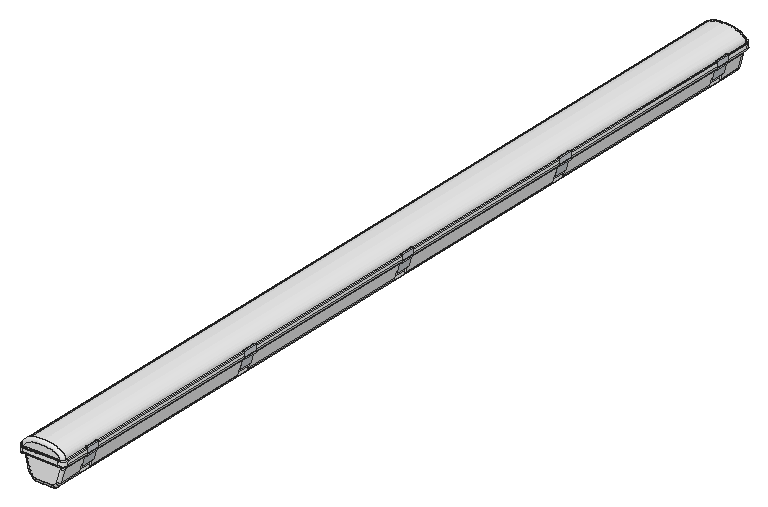
Revit family "0048800", category Lighting Fixtures, host Face, Revit 2017
Family settings
  Host = Face
  Round Connector Dimension = Use Diameter
  Part Type = Normal
  OmniClass Number = 23.80.70.11.14
  OmniClass Title = General Luminaries, Directional
  Cut with Voids When Loaded = No
  Light Source = Yes
  Shared = No
  Room Calculation Point = No
Parameters (values of type "0048800 HYDROPROOF LED G3 1500mm S 4K DALI SSH01")
  Width = 84 mm
  Weight = "2.26 kg"
  Wattage Comments = "n/a"
  Wattage = 33 W
  WarrantyStartDate [instance] = "n/a"
  WarrantyGuarantorParts = "n/a"
  WarrantyDurationUnit = "n/a"
  WarrantyDurationParts = "n/a"
  WarrantyDescription = "n/a"
  built-in parameter 1150110 = 1 (stored number, unit not read)
  Voltage = 230 V
  URL = "http://www.sylvania-lighting.com"
  TypeName = "HYDROPROOF LED G3 1500mm S 4K DALI SSH01"
  Type Image = <None>
  Type Comments = "n/a"
  built-in parameter 1114217 = 1 (stored number, unit not read)
  Tilt Angle = -90.00°
  built-in parameter 1150109 = 1 (stored number, unit not read)
  built-in parameter 1150134 = 12
  built-in parameter 1150113 = 1 (stored number, unit not read)
  SerialNumber [instance] = "n/a"
  ReflectorMaterial = none
  PowerFactor = 0
  PowerConsumption = "33 W"
  Photometric Web File = "0048800.ies"
  NominalWidth = 0 mm
  NominalLength = 1578 mm
  NominalHeight = 75 mm
  Name = "HYDROPROOF LED G3 1500mm S 4K DALI SSH01"
  ModelReference = "HYDROPROOF LED G3 1500mm S 4K DALI SSH01"
  ModelNumber = "0048800"
  Model = "HYDROPROOF LED G3 1500mm S 4K DALI SSH01"
  Material = "grp housing, pmma diffuser"
  ManufacturerName = "Feilo Sylvania"
  Manufacturer = "Feilo Sylvania"
  LuminousEfficacy = "150.3 lm/W"
  built-in parameter 1150105 = 394.7 (stored number, unit not read)
  Lumens = 4960 lm
  LuminaireType = ""
  built-in parameter 1150115 = 1 (stored number, unit not read)
  LightOutputRatio = "n/a"
  built-in parameter 1150137 = (empty or 0)
  built-in parameter 1150139 = (empty or 0)
  Length = 1572 mm
  LampsType = Lamp  # "LED"
  LampNominalLuminous = "4950 lm"
  LampMacAdamStep = "3"
  LampColourTemperature = "4000 K"
  LampColourRenderingIndex = "80"
  built-in parameter 1150112 = 1 (stored number, unit not read)
  built-in parameter 1150114 = 1 (stored number, unit not read)
  Lamp = "LED"
  Keynote = "16500"
  InstallationDate [instance] = "n/a"
  InputVoltage = "220-240V~"
  InputNominalFrequency = "DC/50/60 Hz"
  built-in parameter 1150132 = (empty or 0)
  built-in parameter 1150102 = (empty or 0)
  built-in parameter 1150107 = 4000 (stored number, unit not read)
  built-in parameter 1150138 = (empty or 0)
  IngressProtection = "IP65"
  ImpactProtectionIndex = "IK02"
  built-in parameter 1150106 = 3.947 (stored number, unit not read)
  IfcExportType = "IfcLightFixtureType"
  IfcExportAs = "IfcLightFixtureType"
  ExpectedLife = 50000
  Emit from Rectangle Width = Width - 20 mm  # 64 mm
  Emit from Rectangle Length = Length - 20 mm  # 1552 mm
  Emit Shape Visible in Rendering = no
  ElectricShockClassification = "Class I"
  built-in parameter 1150104 = 13.964 (stored number, unit not read)
  DurationUnit = "hours"
  DocumentationLiterature = "http://www.sylvania-lighting.com/product/en-int/products/0048796"
  DimmingControlOptions = "Dimmable"
  Dimming Lamp Color Temperature Shift = <None>
  DiffuserMaterial = Diffuser-Sylvania-Transparent
  Description = "Hydroproof, integrated LED chemical resistant weatherproof luminaire, with UV stabilized flat diffuser and linear prisms designed to achieve uniform lit appearance, optimise light output and to reduce glare, stainless steel diffuser clips and fixing brackets for surface and wall mounting. L 1578 mm x W 84 mm x H 75 mm size, GRP housing, PMMA diffuser, DALI dimmable, 4000K, CRI80,  4950 lm, 31 W, 160 lm/W, nominal average life (h):50000, energy class: A++ A+ A Class I,IK02, IP65."
  Default Elevation = 1219.2 mm
  CreatedOn = "3/27/2018"
  CreatedBy = "aron.fodor@feilosylvania.com"
  Cost = 0
  Color Filter = 16777215
  built-in parameter 1114216 [instance] = (empty or 0)
  ClassificationValue = "EF_70_80"
  ClassificationName = "Uniclass2015"
  BodyMaterial = Body-Sylvania-Gray
  BarCode [instance] = "n/a"
  built-in parameter 1114218 = 1 (stored number, unit not read)
  built-in parameter 1150133 = 10 (stored number, unit not read)
  AssetType = "Fixed"
  AssetIdentifier [instance] = "n/a"
  Assembly Code = "D5020200"
  Apparent Load = 33 VA
  AccessoryMaterial = Diffuser-Sylvania-Glow
Reference planes
  plane 1 "Center (Front/Back)": y = 0
  plane 2: z = 0
  plane 3 "Center (Left/Right)": x = 0
  plane 4: z = 54
  plane 5: x = -14.7
  plane 6: x = -21.8
  plane 7: x = -26.6
  plane 8: x = -29.2
  plane 9: z = 3
  plane 10: z = 7.8
  plane 11: z = 12.3
  plane 12: z = 36.6
  plane 13: z = 42.8
  plane 14: x = -38.1
  plane 15: z = 46.2
  plane 16: x = -42
  plane 17: y = 786
  plane 18: y = -786
  plane 19: x = 14.7
  plane 20: x = 21.8
  plane 21: x = 26.6
  plane 22: x = 29.2
  plane 23: x = 38.1
  plane 24: x = 42
  plane 25: y = 778.4
  plane 26: y = -778.4
  plane 27: y = -774.7
  plane 28: y = 774.7
  plane 29: z = 74
  plane 30: x = -38.5
  plane 31: x = 38.5
  plane 32: z = 55.2
  plane 33: y = -782.5
  plane 34: y = 782.5
  plane 35: x = -24.5
  plane 36: x = 24.5
  plane 37: x = -35.7
  plane 38: x = 35.7
  plane 39: z = 50.2
  plane 40: z = 24.6
  plane 41: y = -720
  plane 42: y = -734
  plane 43: y = -706
  plane 44: y = 720
  plane 45: y = -720
  plane 46: y = -734
  plane 47: y = -706
  plane 48: y = 720
  plane 49: y = 706
  plane 50: y = 734
  plane 51: y = -360
  plane 52: y = -374
  plane 53: y = -346
  plane 54: y = 0
  plane 55: y = -14
  plane 56: y = 14
  plane 57: y = 360
  plane 58: y = 346
  plane 59: y = 374
Forms (mm)
  Sweep 1, solid, material "Body-Sylvania-Gray" <- "BodyMaterial", detail levels medium+fine
    path origin (1223.4, -4572, 54) x (0, -1, 0) y (1, 0, 0)
      loop
        arc (-3796, -1265.4) -> (-3788.929, -1262.471) -> (-3786, -1255.4) r 10
        line (-3786, -1255.4) -> (-3786, -1191.4)
        arc (-3786, -1191.4) -> (-3788.929, -1184.329) -> (-3796, -1181.4) r 10
        line (-3796, -1181.4) -> (-5348, -1181.4)
        arc (-5348, -1181.4) -> (-5355.071, -1184.329) -> (-5358, -1191.4) r 10
        line (-5358, -1191.4) -> (-5358, -1255.4)
        arc (-5358, -1255.4) -> (-5355.071, -1262.471) -> (-5348, -1265.4) r 10
        line (-5348, -1265.4) -> (-3796, -1265.4)
    profile origin (-42, 0, 54) x (-1, 0, 0) y (0, 0, 1)
      loop
        line (0, 0) -> (-1, 0) -> (-1, -7.726)
        arc (-1, -7.726) -> (-1.994, -9.498) -> (-3.9, -10.2) r 2.937
        line (-3.9, -10.2) -> (-8.571, -10.2) -> (-8.571, -11.2) -> (-3.9, -11.2)
        arc (-3.9, -11.2) -> (-1.313, -10.231) -> (0, -7.8) r 3.937
        line (0, -7.8) -> (0, 0)
  Sweep 2, solid, material "Body-Sylvania-Gray" <- "BodyMaterial", detail levels medium+fine
    path origin (0, 0, 0) x (1, 0, 0) y (0, 0, 1)
      loop
        line (35.7, 42.8) -> (35.7, 36.6) -> (29.203, 12.31)
        arc (29.203, 12.31) -> (28.199, 9.884) -> (26.6, 7.8) r 10.052
        line (26.6, 7.8) -> (21.8, 3)
        arc (21.8, 3) -> (18.554, 0.781) -> (14.7, 0) r 9.902
        line (14.7, 0) -> (0, 0) -> (-14.7, 0)
        arc (-14.7, 0) -> (-18.554, 0.781) -> (-21.8, 3) r 9.902
        line (-21.8, 3) -> (-26.6, 7.8)
        arc (-26.6, 7.8) -> (-28.199, 9.884) -> (-29.203, 12.31) r 10.052
        line (-29.203, 12.31) -> (-35.7, 36.6) -> (-35.7, 42.8)
    profile origin (0, 0, 0) x (0, 0, -1) y (0, -1, 0)
      loop
        arc (0, 773.4) -> (-1.464, 776.936) -> (-5, 778.4) r 5
        line (-5, 778.4) -> (-7.8, 778.4) -> (-7.8, -778.4) -> (-5, -778.4)
        arc (-5, -778.4) -> (-1.464, -776.936) -> (0, -773.4) r 5
        line (0, -773.4) -> (0, 773.4)
  Extrusion 3, solid, material "Body-Sylvania-Gray" <- "BodyMaterial", detail levels medium+fine
    sketch origin (1524, 778.4, 1219.2) x (1, 0, 0) y (0, 0, 1)
      loop
        arc (-1545.668, -1204.874) -> (-1545.443, -1205.418) -> (-1545.085, -1205.885) r 2.252
        line (-1545.085, -1205.885) -> (-1540.231, -1210.738)
        arc (-1540.231, -1210.738) -> (-1539.534, -1211.227) -> (-1538.7, -1211.4) r 2.102
        line (-1538.7, -1211.4) -> (-1509.3, -1211.4)
        arc (-1509.3, -1211.4) -> (-1508.466, -1211.227) -> (-1507.769, -1210.738) r 2.102
        line (-1507.769, -1210.738) -> (-1502.915, -1205.885)
        arc (-1502.915, -1205.885) -> (-1502.557, -1205.418) -> (-1502.332, -1204.874) r 2.252
        line (-1502.332, -1204.874) -> (-1496.1, -1181.575) -> (-1496.1, -1176.4) -> (-1551.9, -1176.4) -> (-1551.9, -1181.575) -> (-1545.668, -1204.874)
    from 0 to 1556.8
  Sweep 4, solid, material "Diffuser-Sylvania-Transparent" <- "DiffuserMaterial", detail levels medium+fine
    path origin (0, 0, 0) x (1, 0, 0) y (0, 0, 1)
      loop
        spline (-38.5, 55.2) -> (-37.188, 60.066) -> (-33.342, 64.6) -> (-27.224, 68.494) -> (-19.25, 71.481) -> (-9.965, 73.359) -> (0, 74) -> (9.965, 73.359) -> (19.25, 71.481) -> (27.224, 68.494) -> (33.342, 64.6) -> (37.188, 60.066) -> (38.5, 55.2)
    profile origin (38.5, 0, 55.2) x (0, -1, 0) y (1, 0, 0)
      loop
        arc (782.5, -5.5) -> (780.889, -1.611) -> (777, 0) r 5.5
        line (777, 0) -> (-777, 0)
        arc (-777, 0) -> (-780.889, -1.611) -> (-782.5, -5.5) r 5.5
        line (-782.5, -5.5) -> (-782.5, -6.3) -> (-781.5, -6.3) -> (-781.5, -5.5)
        arc (-781.5, -5.5) -> (-780.182, -2.318) -> (-777, -1) r 4.5
        line (-777, -1) -> (777, -1)
        arc (777, -1) -> (780.182, -2.318) -> (781.5, -5.5) r 4.5
        line (781.5, -5.5) -> (781.5, -6.347) -> (782.5, -6.347) -> (782.5, -5.5)
  Extrusion 5, solid, material "Diffuser-Sylvania-Transparent" <- "DiffuserMaterial", detail levels medium+fine
    sketch origin (1524, -782.5, 1219.2) x (1, 0, 0) y (0, 0, 1)
      loop
        line (-1556.653, -1164) -> (-1491.347, -1164)
        spline (-1491.347, -1164) -> (-1491.939, -1161.945) -> (-1494.434, -1159.066) -> (-1499.342, -1155.96) -> (-1506.338, -1153.35) -> (-1514.799, -1151.648) -> (-1524, -1151.047) -> (-1533.201, -1151.648) -> (-1541.662, -1153.35) -> (-1548.658, -1155.96) -> (-1553.566, -1159.066) -> (-1556.061, -1161.945) -> (-1556.653, -1164)
    from 0 to -1
  Extrusion 6, solid, material "Diffuser-Sylvania-Transparent" <- "DiffuserMaterial", detail levels medium+fine
    sketch origin (1524, 782.5, 1219.2) x (1, 0, 0) y (0, 0, 1)
      loop
        spline (-1491.3, -1164) -> (-1491.898, -1161.922) -> (-1494.404, -1159.03) -> (-1499.322, -1155.918) -> (-1506.325, -1153.305) -> (-1514.793, -1151.602) -> (-1524, -1151) -> (-1533.207, -1151.602) -> (-1541.675, -1153.305) -> (-1548.678, -1155.918) -> (-1553.596, -1159.03) -> (-1556.102, -1161.922) -> (-1556.7, -1164)
        line (-1556.7, -1164) -> (-1491.3, -1164)
    from 0 to 1
  Extrusion 7, solid, material "Diffuser-Sylvania-Glow" <- "AccessoryMaterial", detail levels fine
    sketch origin (0, 0, 0) x (1, 0, 0) y (0, 0, 1)
      loop
        circle (0, 50.2) r 8
    from -774.7 to 774.7
  Extrusion 8, void
    sketch origin (0, -720, 2343.807) x (0, 0, -1) y (-1, 0, 0)
      loop
        line (2340.807, -24.5) -> (2331.507, -24.5) -> (2319.207, -29.2) -> (2319.207, -35.7) -> (2340.807, -35.7) -> (2340.807, -24.5)
      loop
        line (2340.807, 24.5) -> (2340.807, 35.7) -> (2319.207, 35.7) -> (2319.207, 29.2) -> (2331.507, 24.5) -> (2340.807, 24.5)
    from 14 to -14
  Extrusion 9, void, not visible
    sketch origin (0, -720, 2343.807) x (0, 0, -1) y (-1, 0, 0)
      loop
        line (2340.807, -24.5) -> (2331.507, -24.5) -> (2319.207, -29.2) -> (2319.207, -35.7) -> (2340.807, -35.7) -> (2340.807, -24.5)
      loop
        line (2340.807, 24.5) -> (2340.807, 35.7) -> (2319.207, 35.7) -> (2319.207, 29.2) -> (2331.507, 24.5) -> (2340.807, 24.5)
    from 14 to -14
  Extrusion 10, void
    sketch origin (0, 720, 2343.807) x (0, 0, -1) y (-1, 0, 0)
      loop
        line (2340.807, -24.5) -> (2331.507, -24.5) -> (2319.207, -29.2) -> (2319.207, -35.7) -> (2340.807, -35.7) -> (2340.807, -24.5)
      loop
        line (2340.807, 24.5) -> (2340.807, 35.7) -> (2319.207, 35.7) -> (2319.207, 29.2) -> (2331.507, 24.5) -> (2340.807, 24.5)
    from 14 to -14
  Extrusion 11, void
    sketch origin (0, -360, 2343.807) x (0, 0, -1) y (-1, 0, 0)
      loop
        line (2340.807, -24.5) -> (2331.507, -24.5) -> (2319.207, -29.2) -> (2319.207, -35.7) -> (2340.807, -35.7) -> (2340.807, -24.5)
      loop
        line (2340.807, 24.5) -> (2340.807, 35.7) -> (2319.207, 35.7) -> (2319.207, 29.2) -> (2331.507, 24.5) -> (2340.807, 24.5)
    from 14 to -14
  Extrusion 12, void
    sketch origin (0, 0, 2343.807) x (0, 0, -1) y (-1, 0, 0)
      loop
        line (2340.807, -24.5) -> (2331.507, -24.5) -> (2319.207, -29.2) -> (2319.207, -35.7) -> (2340.807, -35.7) -> (2340.807, -24.5)
      loop
        line (2340.807, 24.5) -> (2340.807, 35.7) -> (2319.207, 35.7) -> (2319.207, 29.2) -> (2331.507, 24.5) -> (2340.807, 24.5)
    from 14 to -14
  Extrusion 13, void
    sketch origin (0, 360, 2343.807) x (0, 0, -1) y (-1, 0, 0)
      loop
        line (2340.807, -24.5) -> (2331.507, -24.5) -> (2319.207, -29.2) -> (2319.207, -35.7) -> (2340.807, -35.7) -> (2340.807, -24.5)
      loop
        line (2340.807, 24.5) -> (2340.807, 35.7) -> (2319.207, 35.7) -> (2319.207, 29.2) -> (2331.507, 24.5) -> (2340.807, 24.5)
    from 14 to -14
  Extrusion 14, solid, material "Diffuser-Sylvania-Transparent" <- "DiffuserMaterial", detail levels medium+fine
    sketch origin (1223.4, -4572, 54) x (0, -1, 0) y (-1, 0, 0)
      loop
        arc (-5348, 1265.4) -> (-5355.071, 1262.471) -> (-5358, 1255.4) r 10
        line (-5358, 1255.4) -> (-5358, 1191.4)
        arc (-5358, 1191.4) -> (-5355.071, 1184.329) -> (-5348, 1181.4) r 10
        line (-5348, 1181.4) -> (-3796, 1181.4)
        arc (-3796, 1181.4) -> (-3788.929, 1184.329) -> (-3786, 1191.4) r 10
        line (-3786, 1191.4) -> (-3786, 1255.4)
        arc (-3786, 1255.4) -> (-3788.929, 1262.471) -> (-3796, 1265.4) r 10
        line (-3796, 1265.4) -> (-5348, 1265.4)
      loop
        arc (-5354.5, 1190.394) -> (-5352.887, 1186.509) -> (-5349, 1184.9) r 5.5
        line (-5349, 1184.9) -> (-3795, 1184.9)
        arc (-3795, 1184.9) -> (-3791.113, 1186.509) -> (-3789.5, 1190.394) r 5.5
        line (-3789.5, 1190.394) -> (-3789.5, 1256.406)
        arc (-3789.5, 1256.406) -> (-3791.113, 1260.291) -> (-3795, 1261.9) r 5.5
        line (-3795, 1261.9) -> (-5349, 1261.9)
        arc (-5349, 1261.9) -> (-5352.887, 1260.291) -> (-5354.5, 1256.406) r 5.5
        line (-5354.5, 1256.406) -> (-5354.5, 1190.394)
    from 0 to -1.2
  Extrusion 15, solid, material "Body-Sylvania-Gray" <- "BodyMaterial", detail levels coarse
    sketch origin (0, 0, 0) x (1, 0, 0) y (0, 0, 1)
      loop
        line (-42, 55.2) -> (-42, 42.8) -> (-26.6, 0) -> (26.6, 0) -> (42, 42.8) -> (42, 55.2) -> (-42, 55.2)
    from -786 to 786
  Extrusion 16, solid, material "Diffuser-Sylvania-Transparent" <- "DiffuserMaterial", detail levels coarse
    sketch origin (0, 0, 0) x (1, 0, 0) y (0, 0, 1)
      loop
        line (-38.5, 55.2) -> (38.5, 55.2)
        arc (38.5, 55.2) -> (0, 74) -> (-38.5, 55.2) r 48.822
    from -778.4 to 778.4
Cuts and joins
  Extrusion 8, Extrusion 10, Extrusion 11, Extrusion 12, Extrusion 13 cuts Sweep 2
  Extrusion 8, Extrusion 10, Extrusion 11, Extrusion 12, Extrusion 13 cuts Extrusion 3
  joined: Sweep 2, Extrusion 3
  joined: Sweep 4, Extrusion 5, Extrusion 6, Extrusion 14
Dimensions and locks
  locked: plane 4 to plane 2 at 54
  plane 5 to plane 6 to plane 7 to plane 8 to plane 14 to plane 16 = 7.1 mm locked, 4.8 mm locked, 2.6 mm locked, 8.9 mm locked, 3.9 mm locked
  plane 4 to plane 15 to plane 13 to plane 12 to plane 11 to plane 10 to plane 9 = 7.8 mm locked, 3.4 mm, 6.2 mm locked, 24.3 mm locked, 4.5 mm locked, 4.8 mm locked
  equal spacing: plane 18, plane 1 "Center (Front/Back)", plane 17
  "Length": plane 18 to plane 17
  plane 19 to plane 20 to plane 21 to plane 22 to plane 23 to plane 24 = 7.1 mm locked, 4.8 mm locked, 2.6 mm locked, 8.9 mm, 3.9 mm
  equal spacing: plane 24, plane 3 "Center (Left/Right)", plane 16
  "Width": plane 24 to plane 16
  equal spacing: plane 27, plane 1 "Center (Front/Back)", plane 28
  locked: plane 26 to plane 27 at 3.7
  locked: Sweep 1 sketch curve to profile plane at 1
  locked: Sweep 1 sketch curve to plane 13 at 1
  locked: Sweep 1 sketch curve to plane 13 at 3.937  (x2)
  locked: Sweep 1 sketch curve to profile plane at 3.9  (x2)
  plane 29 to plane 4 = 20 mm
  equal spacing: plane 31, plane 3 "Center (Left/Right)", plane 30
  locked: plane 30 to plane 16 at 3.5
  locked: plane 32 to plane 4 at 1.2
  equal spacing: plane 33, plane 1 "Center (Front/Back)", plane 34
  equal spacing: plane 36, plane 3 "Center (Left/Right)", plane 35
  locked: plane 34 to plane 17 at 3.5
  equal spacing: plane 38, plane 3 "Center (Left/Right)", plane 37
  locked: plane 37 to plane 16 at 6.3
  equal spacing: plane 25, plane 1 "Center (Front/Back)", plane 26
  locked: plane 17 to plane 25 at 7.6
  locked: Sweep 2 sketch curve to plane 2 at 5  (x2)
  locked: Sweep 2 sketch curve to plane 26 at 5
  locked: plane 25 to Sweep 2 sketch curve at 5
  locked: Sweep 4 sketch curve to plane 31 at 5.5  (x2)
  locked: Sweep 4 sketch curve to plane 34 at 5.5
  plane 33 to Sweep 4 sketch curve = 5.5 mm
  locked: plane 34 to Sweep 4 sketch curve at 1
  locked: Sweep 4 sketch curve to plane 31 at 1
  locked: Sweep 4 sketch curve to Sweep 4 sketch curve at 1
  locked: Sweep 4 sketch curve to plane 31 at 6.347
  locked: Sweep 4 sketch curve to plane 31 at 6.3
  locked: plane 40 to plane 2 at 24.6
  locked: plane 6 to plane 35 at 2.7
  locked: plane 1 "Center (Front/Back)" to plane 41 at 720
  plane 43 to plane 41 to plane 42 = 14 mm locked, 14 mm locked
  locked: plane 44 to plane 1 "Center (Front/Back)" at 720
  plane 47 to plane 45 to plane 46 = 14 mm locked, 14 mm locked
  plane 50 to plane 48 to plane 49 = 14 mm locked, 14 mm locked  (x2)
  equal spacing: group 1, group 6, group 7, group 8, group 5  (x3)
  plane 53 to plane 51 to plane 52 = 14 mm locked, 14 mm locked  (x2)
  plane 56 to plane 54 to plane 55 = 14 mm locked, 14 mm locked  (x2)
  plane 59 to plane 57 to plane 58 = 14 mm locked, 14 mm locked  (x2)
  plane 48 to plane 57 to plane 1 "Center (Front/Back)" to plane 51 to plane 41 = 360 mm locked, 360 mm locked, 360 mm locked, 360 mm locked
  aligned and locked: plane 2 to host face
  aligned and locked: level to host face
  aligned and locked: plane 16 to Sweep 1 sketch curve
  aligned and locked: Sweep 1 sketch curve to plane 24
  aligned and locked: plane 18 to Sweep 1 sketch curve
  aligned and locked: Sweep 1 sketch curve to plane 13
  aligned and locked: profile plane to Sweep 1 sketch curve
  aligned and locked: plane 3 "Center (Left/Right)" to Sweep 2 sketch curve
  aligned and locked: plane 9 to Sweep 2 sketch curve
  aligned and locked: plane 10 to Sweep 2 sketch curve
  aligned and locked: plane 37 to Sweep 2 sketch curve
  aligned and locked: plane 12 to Sweep 2 sketch curve
  aligned and locked: Sweep 2 sketch curve to level
  aligned and locked: plane 21 to Sweep 2 sketch curve
  aligned and locked: plane 38 to Sweep 2 sketch curve
  aligned and locked: profile plane to Sweep 2 sketch curve
  aligned and locked: plane 25 to Sweep 2 sketch curve
  aligned and locked: Sweep 2 sketch curve to plane 10
  aligned and locked: Extrusion 3 sketch curve to Sweep 2  (x7)
  aligned and locked: Sweep 2 to Extrusion 3 sketch curve
  aligned and locked: Extrusion 3 to plane 25
  aligned and locked: plane 26 to Extrusion 3
  aligned and locked: plane 32 to Sweep 4 sketch curve
  aligned and locked: plane 33 to Sweep 4 sketch curve
  aligned and locked: Sweep 4 to Extrusion 5
  aligned and locked: plane 33 to Extrusion 5
  aligned and locked: plane 39 to Extrusion 7 sketch curve
  aligned and locked: plane 27 to Extrusion 7
  aligned and locked: Extrusion 7 to plane 28
  aligned and locked: Extrusion 6 sketch curve to Sweep 4
  aligned and locked: Extrusion 5 sketch curve to Sweep 4
  aligned and locked: Extrusion 8 to plane 43
  aligned and locked: plane 42 to Extrusion 8
  aligned and locked: Extrusion 10 to plane 50
  aligned and locked: plane 49 to Extrusion 10
  aligned and locked: Extrusion 11 to plane 53
  aligned and locked: plane 52 to Extrusion 11
  aligned and locked: Extrusion 12 to plane 56
  aligned and locked: plane 55 to Extrusion 12
  aligned and locked: Extrusion 13 to plane 59
  aligned and locked: plane 58 to Extrusion 13
  aligned and locked: plane 3 "Center (Left/Right)" to Extrusion 7 sketch curve
  aligned and locked: Extrusion 14 sketch curve to Sweep 1  (x4)
  aligned and locked: Extrusion 14 to plane 32
  aligned and locked: plane 4 to Extrusion 14
  aligned and locked: plane 48 to nested 1
  aligned and locked: plane 57 to nested 2
  aligned and locked: plane 54 to nested 3
  aligned and locked: nested 4 to plane 51
  aligned and locked: nested 5 to plane 41
  aligned and locked: plane 41 to nested 10
  aligned and locked: plane 51 to nested 9
  aligned and locked: plane 54 to nested 8
  aligned and locked: plane 57 to nested 7
  aligned and locked: plane 48 to nested 6
  aligned and locked: plane 1 "Center (Front/Back)" to imposter light
  aligned and locked: plane 3 "Center (Left/Right)" to imposter light
  aligned and locked: imposter light to plane 29
  aligned and locked: plane 7 to Extrusion 15 sketch curve
  aligned and locked: plane 2 to Extrusion 15 sketch curve
  aligned and locked: Extrusion 15 sketch curve to nested 6
  aligned and locked: Extrusion 15 sketch curve to nested 1
  aligned and locked: plane 18 to Extrusion 15
  aligned and locked: Extrusion 15 to plane 17
  aligned and locked: Extrusion 15 to Sweep 1  (x2)
  aligned and locked: plane 30 to Extrusion 16 sketch curve
  aligned and locked: plane 31 to Extrusion 16 sketch curve
  aligned and locked: Extrusion 16 sketch curve to cut or joined group of Sweep 4, Extrusion 5, Extrusion 6, Extrusion 14
  aligned and locked: Extrusion 16 to plane 25
  aligned and locked: plane 26 to Extrusion 16
Automatic sketch dimensions
  host sketch curve to host sketch curve = 2438.4 mm  (x2)
  plane 17 to Sweep 1 sketch curve = 0 mm
  Sweep 1 sketch curve to plane 28 = 1.3 mm
  Sweep 1 sketch curve to plane 7 = 5.4 mm
  plane 27 to Sweep 1 sketch curve = 1.3 mm  (x2)
  Sweep 1 sketch curve to Sweep 1 sketch curve = 4.671 mm
  Sweep 1 sketch curve to plane 4 = 0 mm
  Sweep 2 sketch curve to plane 7 = 0 mm
  Sweep 2 sketch curve to plane 6 = 0 mm
  Sweep 2 sketch curve to plane 5 = 0 mm
  plane 19 to Sweep 2 sketch curve = 0 mm
  Sweep 2 sketch curve to plane 9 = 0 mm
  plane 20 to Sweep 2 sketch curve = 0 mm
  Sweep 2 sketch curve to plane 12 = 0 mm
  Sweep 2 sketch curve to plane 10 = 0 mm
  Sweep 2 sketch curve to plane 13 = 0 mm  (x2)
  Sweep 2 sketch curve to plane 8 = 0.003 mm
  plane 6 to Sweep 2 sketch curve = 2.308 mm
  plane 20 to Sweep 2 sketch curve = 2.308 mm
  Sweep 2 sketch curve to plane 22 = 0.003 mm
  Sweep 2 sketch curve to plane 11 = 0.01 mm  (x2)
  Extrusion 3 sketch curve to plane 5 = 0 mm
  plane 19 to Extrusion 3 sketch curve = 0 mm
  plane 6 to Extrusion 3 sketch curve = 0.132 mm
  plane 6 to Extrusion 3 sketch curve = 0.715 mm
  Extrusion 3 sketch curve to Extrusion 3 sketch curve = 1.592 mm
  Extrusion 3 sketch curve to plane 10 = 0.662 mm  (x2)
  plane 20 to Extrusion 3 sketch curve = 2.308 mm
  plane 20 to Extrusion 3 sketch curve = 0.715 mm
  plane 20 to Extrusion 3 sketch curve = 0.132 mm
  Sweep 4 sketch curve to plane 30 = 0 mm
  Sweep 4 sketch curve to plane 3 "Center (Left/Right)" = 0 mm
  Sweep 4 sketch curve to Sweep 4 sketch curve = 0 mm  (x2)
  plane 37 to Extrusion 6 sketch curve = 3 mm
  Extrusion 6 sketch curve to plane 38 = 3 mm
  plane 37 to Extrusion 5 sketch curve = 3.047 mm
  Extrusion 5 sketch curve to plane 38 = 3.047 mm
  Extrusion 8 sketch curve to Extrusion 8 sketch curve = 0 mm
  Extrusion 8 sketch curve to Extrusion 8 sketch curve = 12.3 mm  (x2)
  Extrusion 8 sketch curve to Extrusion 8 sketch curve = 9.3 mm  (x2)
  Extrusion 8 sketch curve to Extrusion 8 sketch curve = 6.5 mm  (x2)
  Extrusion 8 sketch curve to Extrusion 8 sketch curve = 4.7 mm  (x2)
  Extrusion 8 sketch curve to Extrusion 8 sketch curve = 49 mm
  Extrusion 9 sketch curve to Extrusion 9 sketch curve = 0 mm
  Extrusion 9 sketch curve to Extrusion 9 sketch curve = 12.3 mm  (x2)
  Extrusion 9 sketch curve to Extrusion 9 sketch curve = 9.3 mm  (x2)
  Extrusion 9 sketch curve to Extrusion 9 sketch curve = 6.5 mm  (x2)
  Extrusion 9 sketch curve to Extrusion 9 sketch curve = 4.7 mm  (x2)
  Extrusion 9 sketch curve to Extrusion 9 sketch curve = 49 mm
  Extrusion 10 sketch curve to Extrusion 10 sketch curve = 0 mm
  Extrusion 10 sketch curve to Extrusion 10 sketch curve = 12.3 mm  (x2)
  Extrusion 10 sketch curve to Extrusion 10 sketch curve = 9.3 mm  (x2)
  Extrusion 10 sketch curve to Extrusion 10 sketch curve = 6.5 mm  (x2)
  Extrusion 10 sketch curve to Extrusion 10 sketch curve = 4.7 mm  (x2)
  Extrusion 10 sketch curve to Extrusion 10 sketch curve = 49 mm
  Extrusion 11 sketch curve to Extrusion 11 sketch curve = 0 mm
  Extrusion 11 sketch curve to Extrusion 11 sketch curve = 12.3 mm  (x2)
  Extrusion 11 sketch curve to Extrusion 11 sketch curve = 9.3 mm  (x2)
  Extrusion 11 sketch curve to Extrusion 11 sketch curve = 6.5 mm  (x2)
  Extrusion 11 sketch curve to Extrusion 11 sketch curve = 4.7 mm  (x2)
  Extrusion 11 sketch curve to Extrusion 11 sketch curve = 49 mm
  Extrusion 12 sketch curve to Extrusion 12 sketch curve = 0 mm
  Extrusion 12 sketch curve to Extrusion 12 sketch curve = 12.3 mm  (x2)
  Extrusion 12 sketch curve to Extrusion 12 sketch curve = 9.3 mm  (x2)
  Extrusion 12 sketch curve to Extrusion 12 sketch curve = 6.5 mm  (x2)
  Extrusion 12 sketch curve to Extrusion 12 sketch curve = 4.7 mm  (x2)
  Extrusion 12 sketch curve to Extrusion 12 sketch curve = 49 mm
  Extrusion 13 sketch curve to Extrusion 13 sketch curve = 0 mm
  Extrusion 13 sketch curve to Extrusion 13 sketch curve = 12.3 mm  (x2)
  Extrusion 13 sketch curve to Extrusion 13 sketch curve = 9.3 mm  (x2)
  Extrusion 13 sketch curve to Extrusion 13 sketch curve = 6.5 mm  (x2)
  Extrusion 13 sketch curve to Extrusion 13 sketch curve = 4.7 mm  (x2)
  Extrusion 13 sketch curve to Extrusion 13 sketch curve = 49 mm
  Extrusion 14 sketch curve to plane 34 = 0 mm
  plane 30 to Extrusion 14 sketch curve = 0 mm
  Extrusion 14 sketch curve to plane 31 = 0 mm
  plane 33 to Extrusion 14 sketch curve = 0 mm
  plane 25 to Extrusion 14 sketch curve = 1.4 mm  (x4)
  Extrusion 14 sketch curve to plane 26 = 1.4 mm  (x4)
  plane 37 to Extrusion 14 sketch curve = 2.694 mm  (x2)
  Extrusion 14 sketch curve to plane 38 = 2.694 mm  (x2)
  plane 21 to Extrusion 15 sketch curve = 0 mm
  Extrusion 15 sketch curve to plane 13 = 0 mm  (x2)
  Extrusion 15 sketch curve to plane 32 = 0 mm
  Extrusion 16 sketch curve to plane 40 = 0.578 mm
  radius of Extrusion 7 sketch curve = 8 mm
Nested families
  nested 1: "Clip" at (-29.2, 720, 24.6) x (-1, 0, 0) z (0, 0, 1), type "Clip", detail levels fine
  nested 2: "Clip" at (-29.2, 360, 24.6) x (-1, 0, 0) z (0, 0, 1), type "Clip", detail levels fine
  nested 3: "Clip" at (-29.2, 0, 24.6) x (-1, 0, 0) z (0, 0, 1), type "Clip", detail levels fine
  nested 4: "Clip" at (-29.2, -360, 24.6) x (-1, 0, 0) z (0, 0, 1), type "Clip", detail levels fine
  nested 5: "Clip" at (-29.2, -720, 24.6) x (-1, 0, 0) z (0, 0, 1), type "Clip", detail levels fine
  nested 6: "Clip" at (29.2, 720, 24.6), type "Clip", detail levels fine
  nested 7: "Clip" at (29.2, 360, 24.6), type "Clip", detail levels fine
  nested 8: "Clip" at (29.2, 0, 24.6), type "Clip", detail levels fine
  nested 9: "Clip" at (29.2, -360, 24.6), type "Clip", detail levels fine
  nested 10: "Clip" at (29.2, -720, 24.6), type "Clip", detail levels fine
Connectors
  electrical at (0, 0, 0), driven by "Apparent Load"
    settings: index 1, voltage 230 V, apparent load 33 VA, apparent load phase1 0 VA, apparent load phase2 0 VA, apparent load phase3 0 VA, power factor 0, load classification "Lighting", number of poles 1, system type 30, power factor state 1, is connector primary yes, connector utility no, sub classification motor no, connector description ""
Definition of nested family "Clip"
  Parameters (values of type "Clip")
    URL = "http://www.feilosylvania.com"
    Type Comments = "n/a"
    Model = "n/a"
    Manufacturer = "Feilo Sylvania"
    Keynote = "n/a"
    Description = "n/a"
    Default Elevation = 1219.2 mm
    Cost = 0
    BodyMaterial = none
    Assembly Code = "n/a"
  Reference planes
    plane 1 "Center (Front/Back)": y = 0
    plane 2: z = 0
    plane 3 "Center (Left/Right)": x = 0
    plane 4: x = 3.3
    plane 5: x = 6.5
    plane 6: x = 8.9
    plane 7: x = 12.8
    plane 8: z = 12
    plane 9: z = 18.2
    plane 10: z = 21.6
    plane 11: z = 30.6
    plane 12: x = 9.3
    plane 13: z = 19.2
    plane 14: z = 16.2
    plane 15: x = 10.1
    plane 16: y = 12
    plane 17: y = -12
  Forms (mm)
    Extrusion 1, solid
      sketch origin (-0.8, 0, 0) x (1, 0, 0) y (0, 1, 0)
        loop
          line (-1219.2, 1219.2) -> (-1219.2, -1219.2) -> (1219.2, -1219.2) -> (1219.2, 1219.2) -> (-1219.2, 1219.2)
      from 0 to -304.8
    Extrusion 2, solid
      sketch origin (0, 0, 0) x (1, 0, 0) y (0, 0, 1)
        loop
          line (8.9, 16.2) -> (4.58, 0) -> (0, 0) -> (0, -0.8) -> (5.195, -0.8) -> (9.603, 15.731) -> (13.6, 18.806) -> (13.6, 30.6)
          arc (13.6, 30.6) -> (11.45, 32.75) -> (9.3, 30.6) r 2.15
          line (9.3, 30.6) -> (10.1, 30.6)
          arc (10.1, 30.6) -> (11.45, 31.95) -> (12.8, 30.6) r 1.35
          line (12.8, 30.6) -> (12.8, 19.2) -> (8.9, 16.2)
      from -12 to 12
  Lines and regions (mm)
    reference lines
      curve 1: line (3.3, 0, 0) -> (6.5, 0, 12)
      curve 2: arc (8.9, 0, 18.2) -> (11.488, 0, 19.169) -> (12.8, 0, 21.6) r 3.934
  Dimensions and locks
    plane 7 to plane 6 to plane 5 to plane 4 to plane 3 "Center (Left/Right)" = 3.9 mm locked, 2.4 mm locked, 3.2 mm locked, 3.3 mm locked
    plane 11 to plane 10 to plane 9 to plane 8 to plane 2 = 9 mm locked, 3.4 mm locked, 6.2 mm locked, 12 mm locked
    locked: plane 7 to plane 12 at 3.5
    locked: plane 13 to plane 9 at 1
    locked: plane 9 to plane 14 at 2
    locked: plane 15 to plane 12 at 0.8
    locked: plane 2 to Extrusion 2 sketch curve at 0.8
    locked: Extrusion 2 sketch curve to Extrusion 2 sketch curve at 0.8  (x3)
    locked: plane 7 to Extrusion 2 sketch curve at 1.35
    equal spacing: plane 17, plane 1 "Center (Front/Back)", plane 16
    locked: plane 1 "Center (Front/Back)" to plane 16 at 12
    aligned and locked: plane 2 to Extrusion 1
    aligned and locked: level to Extrusion 1
    aligned and locked: plane 4 to curve 1
    aligned and locked: plane 5 to curve 1
    aligned and locked: plane 6 to curve 2
    aligned and locked: plane 10 to curve 2
    aligned and locked: plane 14 to Extrusion 2 sketch curve
    aligned and locked: plane 13 to Extrusion 2 sketch curve
    aligned and locked: plane 7 to Extrusion 2 sketch curve
    aligned and locked: plane 3 "Center (Left/Right)" to Extrusion 2 sketch curve
    aligned and locked: Extrusion 2 sketch curve to level
    aligned and locked: Extrusion 2 sketch curve to plane 11
    aligned and locked: plane 11 to Extrusion 2 sketch curve
    aligned and locked: Extrusion 2 to plane 16
    aligned and locked: plane 17 to Extrusion 2
  Automatic sketch dimensions
    Extrusion 1 sketch curve to Extrusion 1 sketch curve = 2438.4 mm  (x2)
    curve 2 to plane 7 = 0 mm
    curve 1 to level = 0 mm
    curve 1 to plane 8 = 0 mm
    curve 2 to plane 9 = 0 mm
    plane 6 to curve 2 = 0.002 mm
    Extrusion 2 sketch curve to Extrusion 2 sketch curve = 0 mm
    Extrusion 2 sketch curve to plane 6 = 0 mm
    plane 4 to Extrusion 2 sketch curve = 1.28 mm
